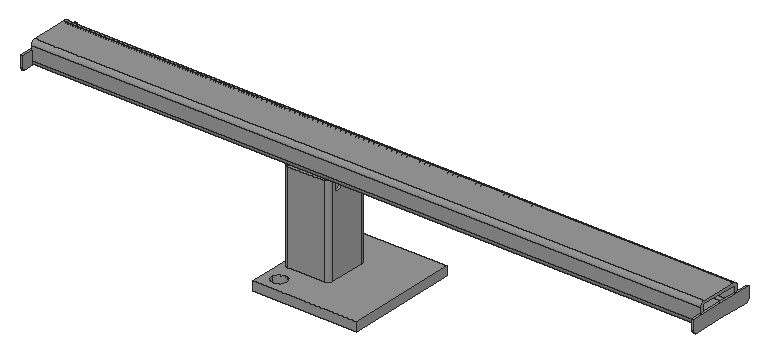
Revit family "STA BKRS 600 FT Stützausleger", category Generic Models, Revit 2017
Family settings
  Can host rebar = No
  Round Connector Dimension = Use Diameter
  Part Type = Normal
  Work Plane-Based = No
  Always vertical = Yes
  Cut with Voids When Loaded = No
  Shared = No
  Room Calculation Point = No
Parameters (values of type "STA BKRS 600 FT")
  URL = "http://www.obo-bettermann.com"
  Material = Hot dip galvanised
  Manufacturer Art.No. = "6044553"
  Manufacturer = "OBO BETTERMANN"
  GTIN = "4012196695201"
  Article Type = "STA BKRS 600 FT"
Reference planes
  plane 1 "Center (Front/Back)": y = 0
  plane 2: z = 0
  plane 3 "Center (Left/Right)": x = 0
  plane 4: x = 91.5
  plane 5: y = 100
  plane 6: y = 12.5
  plane 7: y = 87.5
  plane 8: x = 13
  plane 9: y = 50
  plane 10: y = 62
  plane 11: x = 11
  plane 12: z = 88
  plane 13: x = 22.882
  plane 14: x = 2.902
  plane 15: z = 100
  plane 16: y = 50
  plane 17: z = 90
  plane 18: y = 22
  plane 19: z = 90
  plane 20: y = 78
  plane 21: x = 364.902
  plane 22: y = 40
  plane 23: x = 364.902
  plane 24: y = 30
  plane 25: x = -213.098
  plane 26: y = 60.052
  plane 27: y = 70.026
  plane 28: x = 3
  plane 29: z = 81
  plane 30: y = 40
  plane 31: y = 30
  plane 32: x = 371.902
  plane 33: x = 373.902
  plane 34: x = -220.098
  plane 35: x = -222.098
Forms (mm)
  Extrusion 1, solid, material "Hot dip galvanised" <- "Material"
    sketch origin (0, 0, 0) x (1, 0, 0) y (0, 0, 1)
      loop
        line (0, 0) -> (91.5, 0) -> (91.5, 8) -> (0, 8) -> (0, 0)
    from 0 to -100
  Extrusion 2, void
    sketch origin (0, 0, 0) x (1, 0, 0) y (0, 1, 0)
      loop
        circle (13, 87.5) r 6.5
      loop
        circle (13, 12.5) r 6.5
      loop
        circle (11, 62) r 5.956
    from 0 to 8
  Extrusion 3, solid, material "Hot dip galvanised" <- "Material"
    sketch origin (0, 0, 0) x (0, 1, 0) y (0, 0, 1)
      loop
        line (34, 88) -> (66, 88)
        arc (66, 88) -> (68.828, 89.172) -> (70, 92) r 4
        line (70, 92) -> (70, 104)
        arc (70, 104) -> (68.828, 106.828) -> (66, 108) r 4
        line (66, 108) -> (34, 108)
        arc (34, 108) -> (31.172, 106.828) -> (30, 104) r 4
        line (30, 104) -> (30, 92)
        arc (30, 92) -> (31.172, 89.172) -> (34, 88) r 4
      loop
        line (66, 106) -> (34, 106)
        arc (34, 106) -> (32.586, 105.414) -> (32, 104) r 2
        line (32, 104) -> (32, 92)
        arc (32, 92) -> (32.586, 90.586) -> (34, 90) r 2
        line (34, 90) -> (66, 90)
        arc (66, 90) -> (67.414, 90.586) -> (68, 92) r 2
        line (68, 92) -> (68, 104)
        arc (68, 104) -> (67.414, 105.414) -> (66, 106) r 2
    from -220.098 to 371.902
  Extrusion 4, solid, material "Hot dip galvanised" <- "Material"
    sketch origin (0, 0, 0) x (0, 1, 0) y (0, 0, 1)
      loop
        line (50, 100) -> (20, 100) -> (20, 90) -> (22, 88) -> (50, 88) -> (78, 88) -> (80, 90) -> (80, 100) -> (50, 100)
    from 371.902 to 373.902
  Extrusion 5, solid, material "Hot dip galvanised" <- "Material"
    sketch origin (0, 0, 0) x (0, 1, 0) y (0, 0, 1)
      loop
        line (80, 100) -> (20, 100) -> (20, 90) -> (22, 88) -> (78, 88) -> (80, 90) -> (80, 100)
    from -220.098 to -222.098
  Extrusion 6, void
    sketch origin (0, 0, 0) x (1, 0, 0) y (0, 1, 0)
      loop
        circle (364.902, 40) r 4
    from 88 to 90
  Extrusion 7, void
    sketch origin (0, 0, 0) x (1, 0, 0) y (0, 1, 0)
      loop
        circle (-213.098, 60.052) r 3.952
    from 88 to 90
  Extrusion 8, solid, material "Hot dip galvanised" <- "Material"
    sketch origin (0, 0, 0) x (1, 0, 0) y (0, 1, 0)
      loop
        arc (6.902, 70.024) -> (4.074, 68.853) -> (2.902, 66.024) r 4
        line (2.902, 66.024) -> (2.902, 34)
        arc (2.902, 34) -> (4.074, 31.172) -> (6.902, 30) r 4
        line (6.902, 30) -> (38.902, 30)
        arc (38.902, 30) -> (41.731, 31.172) -> (42.902, 34) r 4
        line (42.902, 34) -> (42.902, 66.024)
        arc (42.902, 66.024) -> (41.731, 68.853) -> (38.902, 70.024) r 4
        line (38.902, 70.024) -> (6.902, 70.024)
      loop
        arc (6.902, 68.024) -> (5.488, 67.439) -> (4.902, 66.024) r 2
        line (4.902, 66.024) -> (4.902, 34)
        arc (4.902, 34) -> (5.488, 32.586) -> (6.902, 32) r 2
        line (6.902, 32) -> (38.902, 32)
        arc (38.902, 32) -> (40.317, 32.586) -> (40.902, 34) r 2
        line (40.902, 34) -> (40.902, 66.024)
        arc (40.902, 66.024) -> (40.317, 67.439) -> (38.902, 68.024) r 2
        line (38.902, 68.024) -> (6.902, 68.024)
    from 8 to 88
  Extrusion 9, void
    sketch origin (0, 0, 0) x (0, 1, 0) y (0, 0, 1)
      loop
        circle (40, 81) r 3.961
    from 40.902 to 42.902
Cuts and joins
  Extrusion 2 cuts Extrusion 1
  Extrusion 6, Extrusion 7 cuts Extrusion 3
  Extrusion 9 cuts Extrusion 8
Dimensions and locks
  plane 4 to plane 3 "Center (Left/Right)" = 91.5 mm
  locked: Extrusion 1 sketch curve to Extrusion 1 sketch curve at 8
  locked: Extrusion 1 sketch curve to Extrusion 1 sketch curve at 91.5
  locked: plane 1 "Center (Front/Back)" to plane 5 at 100
  locked: Extrusion 1 to plane 8 at 13
  locked: Extrusion 1 to plane 9 at 50
  locked: plane 7 to plane 9 at 37.5
  locked: plane 9 to plane 6 at 37.5
  locked: plane 8 to Extrusion 2 sketch curve at 0  (x2)
  locked: plane 8 to Extrusion 2 sketch curve at 6.5  (x2)
  locked: Extrusion 1 to plane 10 at 38
  Extrusion 1 to plane 11 = 11 mm
  locked: plane 11 to Extrusion 2 sketch curve at 0
  locked: Extrusion 2 sketch curve to plane 11 at 5.956
  locked: plane 12 to level at 88
  locked: Extrusion 3 sketch curve to Extrusion 3 sketch curve at 40
  locked: Extrusion 3 sketch curve to Extrusion 3 sketch curve at 36
  locked: Extrusion 3 sketch curve to Extrusion 3 sketch curve at 16
  locked: Extrusion 3 to plane 15 at 8
  locked: Extrusion 3 to Extrusion 4 sketch curve at 12  (x2)
  locked: Extrusion 3 to Extrusion 4 at 12
  locked: Extrusion 4 to Extrusion 4 at 12
  locked: Extrusion 4 to Extrusion 4 at 60
  plane 21 to Extrusion 3 = 7 mm
  locked: plane 22 to plane 24 at 10
  locked: plane 23 to Extrusion 6 sketch curve at 0
  locked: plane 23 to Extrusion 6 sketch curve at 4
  locked: cut or joined group of Extrusion 3, Extrusion 6, Extrusion 7 to plane 25 at 7
  locked: plane 27 to plane 26 at 9.974
  locked: plane 25 to Extrusion 7 sketch curve at 0
  locked: plane 25 to Extrusion 7 sketch curve at 3.952
  locked: plane 3 "Center (Left/Right)" to plane 28 at 3
  locked: Extrusion 8 sketch curve to Extrusion 8 sketch curve at 40.024
  locked: Extrusion 8 sketch curve to Extrusion 8 sketch curve at 40
  locked: Extrusion 8 sketch curve to Extrusion 8 sketch curve at 36.024
  locked: Extrusion 8 sketch curve to Extrusion 8 sketch curve at 36
  Extrusion 8 sketch curve to Extrusion 8 sketch curve = 40 mm
  locked: plane 29 to Extrusion 4 at 7
  locked: plane 31 to plane 30 at 10
  locked: plane 30 to Extrusion 9 sketch curve at 3.961
  locked: plane 30 to Extrusion 9 sketch curve at 0
  plane 32 to cut or joined group of Extrusion 8, Extrusion 9 = 329 mm
  locked: cut or joined group of Extrusion 3, Extrusion 6, Extrusion 7 to cut or joined group of Extrusion 8, Extrusion 9 at 329
  locked: plane 33 to cut or joined group of Extrusion 3, Extrusion 6, Extrusion 7 at 2
  locked: plane 14 to plane 34 at 223
  locked: plane 35 to cut or joined group of Extrusion 3, Extrusion 6, Extrusion 7 at 2
  locked: cut or joined group of Extrusion 3, Extrusion 6, Extrusion 7 to cut or joined group of Extrusion 3, Extrusion 6, Extrusion 7 at 592
  aligned and locked: level to plane 2
  aligned and locked: Extrusion 1 to level
  aligned and locked: Extrusion 1 to plane 3 "Center (Left/Right)"
  aligned and locked: plane 5 to Extrusion 1
  aligned and locked: plane 1 "Center (Front/Back)" to Extrusion 1
  aligned and locked: Extrusion 2 to level
  aligned and locked: Extrusion 1 to Extrusion 2
  aligned and locked: Extrusion 3 to plane 12
  aligned and locked: plane 12 to Extrusion 4 sketch curve
  aligned and locked: plane 17 to Extrusion 4 sketch curve
  aligned and locked: Extrusion 4 to Extrusion 3
  aligned and locked: plane 23 to plane 21
  aligned and locked: plane 12 to Extrusion 6
  aligned and locked: Extrusion 7 to plane 12
  aligned and locked: Extrusion 3 to Extrusion 7
  aligned and locked: plane 14 to Extrusion 8 sketch curve
  aligned and locked: cut or joined group of Extrusion 3, Extrusion 6, Extrusion 7 to Extrusion 8
  aligned and locked: Extrusion 8 to cut or joined group of Extrusion 1, Extrusion 2
  aligned and locked: plane 12 to Extrusion 8
  aligned and locked: Extrusion 8 to Extrusion 9  (x2)
  aligned and locked: plane 33 to Extrusion 4
  aligned and locked: Extrusion 3 to plane 34
  aligned and locked: Extrusion 5 to plane 35
Automatic sketch dimensions
  Extrusion 1 sketch curve to level = 0 mm
  Extrusion 1 sketch curve to plane 3 "Center (Left/Right)" = 0 mm
  Extrusion 2 sketch curve to plane 6 = 0 mm
  Extrusion 2 sketch curve to plane 10 = 0 mm
  Extrusion 2 sketch curve to plane 7 = 0 mm
  plane 12 to Extrusion 3 sketch curve = 4 mm  (x2)
  Extrusion 3 sketch curve to plane 1 "Center (Front/Back)" = 30 mm
  Extrusion 3 sketch curve to Extrusion 3 sketch curve = 4 mm
  Extrusion 3 sketch curve to Extrusion 3 sketch curve = 0 mm  (x13)
  Extrusion 4 sketch curve to plane 18 = 0 mm
  Extrusion 4 sketch curve to plane 16 = 0 mm  (x2)
  Extrusion 4 sketch curve to plane 20 = 0 mm
  plane 17 to Extrusion 4 sketch curve = 0 mm
  Extrusion 4 sketch curve to plane 18 = 2 mm
  plane 20 to Extrusion 4 sketch curve = 2 mm
  Extrusion 5 sketch curve to plane 12 = 0 mm
  Extrusion 5 sketch curve to plane 1 "Center (Front/Back)" = 20 mm
  Extrusion 5 sketch curve to Extrusion 5 sketch curve = 2 mm  (x2)
  Extrusion 5 sketch curve to plane 5 = 22 mm
  plane 12 to Extrusion 5 sketch curve = 2 mm  (x2)
  Extrusion 5 sketch curve to Extrusion 5 sketch curve = 10 mm
  Extrusion 6 sketch curve to plane 22 = 0 mm
  Extrusion 7 sketch curve to plane 26 = 0 mm
  Extrusion 3 sketch curve to plane 12 = 0 mm
  plane 28 to Extrusion 8 sketch curve = 3.902 mm  (x2)
  Extrusion 8 sketch curve to Extrusion 8 sketch curve = 4 mm  (x2)
  Extrusion 8 sketch curve to plane 1 "Center (Front/Back)" = 30 mm
  Extrusion 8 sketch curve to Extrusion 8 sketch curve = 0 mm  (x6)
  Extrusion 9 sketch curve to plane 29 = 0 mm
